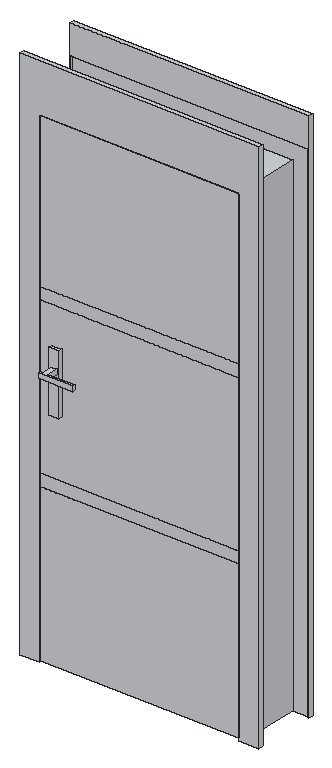
Revit family
Parameters (values of type "PN 80")
  Rough Height = 2055 mm
  URL = "www.porta.com.pl"
  Rough Width = 880 mm
  Ss = 818 mm
  Manufacturer = "PORTA KMI POLAND"
  Keynote = ""
  Description = "Biblioteki CAD produktów firmy PORTA KMI POLAND S.A. wraz z ich wizualizacjami są chronione prawami własności przemysłowej i intelektualnej. Można je wykorzystywać do handlowych celów osobistych poprzez zastosowanie w projektach, jednak nie wolno ich powielać, modyfikować, licencjonować ani publikować, w całości ani w części, chyba że celem przeglądania, bez uprzedniej pisemnej zgody PORTA KMI Poland sp.z.o.o. www.porta.com.pl "
  Height = 2016 mm
  Wall Closure = (empty or 0)
  Width = 802 mm
  Model = "Porta LEVEL"
  Materiał_skrzydło_2 = none
  Materiał_skrzydło_1 [instance] = none
  Materiał_ościeżnica [instance] = none
  Materiał_klamka [instance] = none
  Informacja = ""
  Hs = 2017 mm
  Function = (empty or 0)
Reference planes
  plane 1: y = 0
  plane 2 "Środek (Lewa/Prawa)": x = 0
  plane 3 "Lewy": x = -440
  plane 4 "Prawy": x = 440
  plane 5: z = 2055
  plane 6 "Zewnętrzna": y = 120
  plane 7 "Wewnętrzna": y = -120
  plane 8: x = -401
  plane 9: y = -138.9
  plane 10: x = -494.4
  plane 11: x = 494.4
Forms (mm)
  Sweep 1, solid, material <- "Materiał_ościeżnica"
    path in 3D
      loop
        line (-440, -120, 0) -> (-440, -120, 2055) -> (440, -120, 2055) -> (440, -120, 0)
    profile origin (-440, -120, 1027.5) x (0, -1, 0) y (1, 0, 0)
      loop
        line (-240, -54.4) -> (-240, -49.7) -> (-243.2, -49.7) -> (-243.2, 16.3) -> (3.2, 16.3) -> (3.2, -49.7) -> (0, -49.7) -> (0, -54.4) -> (18.9, -54.4) -> (18.9, 27) -> (-26.7, 27) -> (-26.7, 39) -> (-243.2, 39) -> (-243.2, 27) -> (-258.9, 27) -> (-258.9, -54.4) -> (-240, -54.4)
  Extrusion 2, solid, material <- "Materiał_ościeżnica"
    sketch origin (-359, -94.5, 2024.974) x (0, 0, -1) y (0, -1, 0)
      loop
        line (-203.026, -233.4) -> (-84.426, -233.4) -> (-84.426, -214.5) -> (-203.026, -214.5) -> (-203.026, -233.4)
    from -853.4 to 135.4
  Extrusion 3, solid, material <- "Materiał_ościeżnica"
    sketch origin (-359, -94.5, 2024.974) x (0, 0, -1) y (0, -1, 0)
      loop
        line (-203.026, 44.4) -> (-203.026, 25.5) -> (-84.426, 25.5) -> (-84.426, 44.4) -> (-203.026, 44.4)
    from -853.4 to 135.4
Cuts and joins
  joined: Sweep 1, Extrusion 2, Extrusion 3
Lines and regions (mm)
  Opening 1
    outline origin (-3050, -120, 0) x (1, 0, 0) y (0, 0, 1)
      loop
        line (2610, 0) -> (3490, 0) -> (3490, 2055) -> (2610, 2055) -> (2610, 0)
  sketch lines
    curve 1: line (-440, -120, 0) -> (-440, -120, 2055)
    curve 2: line (-440, -120, 2055) -> (440, -120, 2055)
    curve 3: line (440, -120, 2055) -> (440, -120, 0)
  symbolic lines, style "DoorsPanelProjection"
    curve 4: line (409, -120, 0) -> (409, -938, 0)
    curve 5: line (409, -938, 0) -> (369, -938, 0)
    curve 6: line (369, -938, 0) -> (369, -120, 0)
    curve 7: line (369, -120, 0) -> (409, -120, 0)
  symbolic lines, style "Ugięcie rzutu"
    curve 8: arc (-409, -120, 0) -> (-169.413, -698.413, 0) -> (409, -938, 0) r 818
Text (mm)
  text "Zewnętrzna" at (-2295.016, 1099.543, 0), in view "Poziom odniesienia"
  text "Zewnętrzna" at (0, 1615.38, 3698.081), in view "Lewy"
  text "Zewnętrzna" at (0, 1036.032, 3874.932), in view "Prawy"
Dimensions and locks
  equal spacing: plane 3 "Lewy", plane 2 "Środek (Lewa/Prawa)", plane 4 "Prawy"
  "Rough Width": plane 3 "Lewy" to plane 4 "Prawy"
  "Rough Height": plane 5 to host wall
  host wall to plane 5 = 2055 mm  (x2)
  locked: plane 6 "Zewnętrzna" to host wall at 0
  locked: plane 7 "Wewnętrzna" to host wall
  locked: curve 6 to curve 4 at 40
  "Ss": curve 5 to curve 7
  equal spacing: curve 8, plane 2 "Środek (Lewa/Prawa)", curve 4
  equal spacing: nested 1, plane 2 "Środek (Lewa/Prawa)", nested 1
  locked: nested 1 to level at 8
  locked: plane 3 "Lewy" to plane 8 at 39
  locked: plane 6 "Zewnętrzna" to Sweep 1 sketch curve at 18.9
  locked: profile plane to Sweep 1 sketch curve at 27
  locked: Sweep 1 sketch curve to plane 8 at 22.7
  locked: Sweep 1 sketch curve to profile plane at 26.7
  locked: profile plane to Sweep 1 sketch curve at 18.9
  locked: Sweep 1 sketch curve to profile plane at 54.4  (x2)
  locked: plane 9 to host wall at 18.9
  locked: plane 10 to plane 3 "Lewy" at 54.4
  locked: plane 4 "Prawy" to plane 11 at 54.4
  aligned and locked: plane 3 "Lewy" to Opening 1 sketch curve
  aligned and locked: plane 5 to Opening 1 sketch curve  (x2)
  aligned and locked: Opening 1 sketch curve to plane 4 "Prawy"
  aligned and locked: Opening 1 sketch curve to level
  aligned and locked: plane 1 to host wall
  aligned and locked: plane 7 "Wewnętrzna" to curve 7
  aligned and locked: Sweep 1 sketch curve to plane 6 "Zewnętrzna"
  aligned and locked: Sweep 1 sketch curve to profile plane
  aligned and locked: Sweep 1 sketch curve to plane 8
  aligned and locked: nested 1 to plane 9
  aligned and locked: Extrusion 2 sketch curve to Sweep 1  (x2)
  aligned and locked: host wall to Extrusion 2 sketch curve
  aligned and locked: Extrusion 3 sketch curve to plane 9
  aligned and locked: host wall to Extrusion 3 sketch curve
  aligned and locked: Extrusion 3 sketch curve to Sweep 1
  aligned and locked: Extrusion 3 sketch curve to Extrusion 2
  aligned and locked: plane 11 to Extrusion 3
  aligned and locked: plane 10 to Extrusion 3
  aligned and locked: plane 11 to Extrusion 2
  aligned and locked: plane 10 to Extrusion 2
Automatic sketch dimensions
  curve 8 to host wall = 0 mm
  Sweep 1 sketch curve to Sweep 1 sketch curve = 0 mm
  Sweep 1 sketch curve to Sweep 1 sketch curve = 3.2 mm
  Sweep 1 sketch curve to Sweep 1 sketch curve = 15.7 mm
  Sweep 1 sketch curve to Sweep 1 sketch curve = 4.7 mm  (x2)
  Sweep 1 sketch curve to Sweep 1 sketch curve = 10.7 mm
  Extrusion 2 sketch curve to plane 5 = 173 mm
Nested families
  nested 1: "skrzydło" at (0, -105.4, 0), type "skrzydło"
Definition of nested family "skrzydło"
  Parameters (values of type "skrzydło")
    Ss = 818 mm
    Materiał_skrzydło_2 = none
    Materiał_skrzydło_1 = none
    Materiał_klamka = none
    Assembly Code = ""
    Hs = 2017 mm
  Reference planes
    plane 1 "Tył": y = 6.5
    plane 2: z = 0
    plane 3 "Środek (Lewa/Prawa)": x = 0
    plane 4 "Lewa": x = -409
    plane 5 "Prawa": x = 409
    plane 6 "Przód": y = -33.5
    plane 7: z = 2025
    plane 8 "Centrum": y = -13.5
    plane 9: z = 8
  Forms (mm)
    Extrusion 1, solid, material <- "Materiał_skrzydło_1"
      sketch origin (0, -33.5, 0) x (-1, 0, 0) y (0, 0, 1)
        loop
          line (409, 653) -> (-409, 653) -> (-409, 8) -> (409, 8) -> (409, 653)
      from 0 to 40
    Extrusion 2, solid, material <- "Materiał_skrzydło_2"
      sketch origin (-2140.117, -33.5, 1200) x (-1, 0, 0) y (0, 0, 1)
        loop
          line (-1731.117, -497) -> (-2549.117, -497) -> (-2549.117, -547) -> (-1731.117, -547) -> (-1731.117, -497)
      from 0 to 40
    Extrusion 3, solid, material <- "Materiał_skrzydło_1"
      sketch origin (-2140.117, -33.5, 1200) x (-1, 0, 0) y (0, 0, 1)
        loop
          line (-1731.117, 143) -> (-2549.117, 143) -> (-2549.117, -497) -> (-1731.117, -497) -> (-1731.117, 143)
      from 0 to 40
    Extrusion 4, solid, material <- "Materiał_skrzydło_2"
      sketch origin (-2140.117, -33.5, 1200) x (-1, 0, 0) y (0, 0, 1)
        loop
          line (-1731.117, 193) -> (-2549.117, 193) -> (-2549.117, 143) -> (-1731.117, 143) -> (-1731.117, 193)
      from 0 to 40
    Extrusion 5, solid, material <- "Materiał_skrzydło_1"
      sketch origin (-2140.117, -33.5, 1200) x (-1, 0, 0) y (0, 0, 1)
        loop
          line (-1731.117, 825) -> (-2549.117, 825) -> (-2549.117, 193) -> (-1731.117, 193) -> (-1731.117, 825)
      from 0 to 40
  Dimensions and locks
    equal spacing: plane 4 "Lewa", plane 3 "Środek (Lewa/Prawa)", plane 5 "Prawa"
    "Ss": plane 4 "Lewa" to plane 5 "Prawa"
    locked: plane 9 to level at 8
    "Hs": plane 7 to plane 9
    locked: nested 1 to plane 9 at 934
    locked: plane 9 to nested 3 at 934
    equal spacing: plane 6 "Przód", plane 8 "Centrum", plane 1 "Tył"
    aligned and locked: Extrusion 1 sketch curve to plane 9
    aligned and locked: nested 1 to plane 6 "Przód"
    aligned and locked: Extrusion 1 sketch curve to plane 5 "Prawa"
    aligned and locked: Extrusion 1 sketch curve to plane 4 "Lewa"
    aligned and locked: plane 3 "Środek (Lewa/Prawa)" to nested 2
    aligned and locked: plane 4 "Lewa" to Extrusion 2 sketch curve
    aligned and locked: plane 5 "Prawa" to Extrusion 2 sketch curve
    aligned and locked: Extrusion 2 sketch curve to Extrusion 1
    aligned and locked: plane 4 "Lewa" to Extrusion 3 sketch curve
    aligned and locked: Extrusion 3 sketch curve to Extrusion 2
    aligned and locked: plane 5 "Prawa" to Extrusion 3 sketch curve
    aligned and locked: plane 4 "Lewa" to Extrusion 4 sketch curve
    aligned and locked: Extrusion 4 sketch curve to Extrusion 3
    aligned and locked: plane 5 "Prawa" to Extrusion 4 sketch curve
    aligned and locked: plane 4 "Lewa" to Extrusion 5 sketch curve
    aligned and locked: plane 7 to Extrusion 5 sketch curve
    aligned and locked: plane 5 "Prawa" to Extrusion 5 sketch curve
    aligned and locked: Extrusion 5 sketch curve to Extrusion 4
  Automatic sketch dimensions
    plane 9 to Extrusion 1 sketch curve = 645 mm
    Extrusion 2 sketch curve to Extrusion 2 sketch curve = 50 mm
    Extrusion 3 sketch curve to Extrusion 3 sketch curve = 640 mm
    Extrusion 4 sketch curve to Extrusion 4 sketch curve = 50 mm
  Nested families
    nested 1: "KLAMKA" at (-341, -33.5, 1067), Materiał klamki <- "Materiał_klamka", type "KLAMKA"
      with Materiał klamki none
    nested 2: "logo_porta" at (0, 6.5, 110) x (1, 0, 0) z (0, -1, 0), type "logo_porta"
    nested 3: "KLAMKA" at (-341, 6.5, 1067), Materiał klamki <- "Materiał_klamka", type "KLAMKA"
      with Materiał klamki none
  Definition of nested family "KLAMKA"
    Parameters (values of type "KLAMKA")
      Materiał klamki [instance] = none
      Assembly Code = ""
      Default Elevation = 1219.2 mm
    Reference planes
      plane 1 "Center (Front/Back)": y = 0
      plane 2: z = 0
      plane 3 "Center (Left/Right)": x = 0
      plane 4: z = 125
      plane 5: z = -125
      plane 6: x = 20
      plane 7: x = -20
      plane 8: y = -70
      plane 9: y = -60
      plane 10: x = 10
      plane 11: x = -10
      plane 12: x = 120
      plane 13: z = 35
      plane 14: z = 55
      plane 15: y = -15
    Forms (mm)
      Extrusion 1, solid, material <- "Materiał klamki"
        sketch origin (0, 0, 0) x (1, 0, 0) y (0, 0, 1)
          loop
            line (-20, 125) -> (-20, -125) -> (20, -125) -> (20, 125) -> (-20, 125)
        from 0 to 15
      Extrusion 2, solid, material <- "Materiał klamki"
        sketch origin (0, 0, 0) x (1, 0, 0) y (0, 1, 0)
          loop
            line (-10, -15) -> (-10, -60) -> (-20, -60) -> (-20, -70) -> (120, -70) -> (120, -60) -> (10, -60) -> (10, -15) -> (-10, -15)
        from 35 to 55
    Dimensions and locks
      equal spacing: plane 4, plane 2, plane 5
      plane 4 to plane 5 = 250 mm
      equal spacing: plane 7, plane 3 "Center (Left/Right)", plane 6
      plane 7 to plane 6 = 40 mm
      plane 8 to plane 1 "Center (Front/Back)" = 70 mm
      plane 11 to plane 3 "Center (Left/Right)" to plane 10 = 10 mm locked, 10 mm locked
      plane 7 to plane 12 = 140 mm
      plane 15 to plane 1 "Center (Front/Back)" = 15 mm
      aligned and locked: plane 7 to Extrusion 1 sketch curve
      aligned and locked: Extrusion 1 sketch curve to plane 4
      aligned and locked: plane 5 to Extrusion 1 sketch curve
      aligned and locked: Extrusion 1 sketch curve to plane 6
      aligned and locked: plane 15 to Extrusion 1
      aligned and locked: Extrusion 1 to plane 1 "Center (Front/Back)"
      aligned and locked: plane 14 to Extrusion 2
      aligned and locked: Extrusion 2 to plane 13
    Automatic sketch dimensions
      Extrusion 2 sketch curve to plane 7 = 0 mm
      Extrusion 2 sketch curve to plane 9 = 0 mm  (x2)
      Extrusion 2 sketch curve to plane 11 = 0 mm
      Extrusion 2 sketch curve to plane 10 = 0 mm
      Extrusion 2 sketch curve to plane 12 = 0 mm
      Extrusion 2 sketch curve to plane 8 = 0 mm
      Extrusion 2 sketch curve to plane 15 = 0 mm
  Definition of nested family "logo_porta"
    Reference planes
      plane 1 "Środek (Przód/Tył)": y = 0
      plane 2: z = 0
      plane 3 "Środek (Lewa/Prawa)": x = 0
